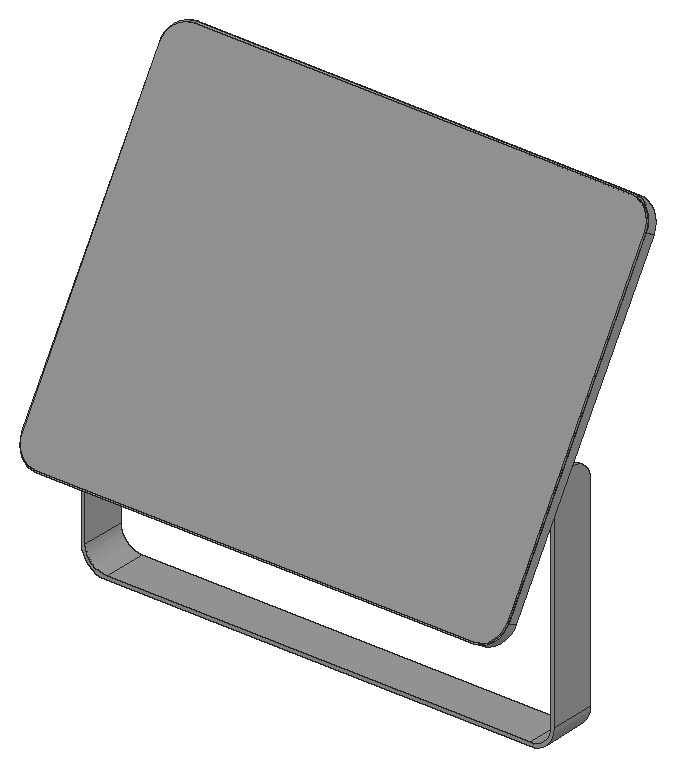
Revit family "0047977 Sylvania Lighting Fixture START eco Flood Flat IP65 9000lm 840", category Lighting Fixtures, host Face, Revit 2016
Family settings
  Host = Face
  Part Type = Normal
  Round Connector Dimension = Use Diameter
  OmniClass Number = 23.80.70.00
  OmniClass Title = Lighting
  Cut with Voids When Loaded = No
  Light Source = No
  Shared = No
  Room Calculation Point = No
Parameters (values of type "0047977 ST E FLD FLT IP65 9000LM 840")
  WidthBracketIn_SYL = if([10W_SYL], 102.2 mm, if([30W_SYL], 143.3 mm, if([50W_SYL], 181 mm, 262.8 mm)))  # 262.8 mm
  Weight = "8.875 kg"
  Wattage Comments = ""
  WarrantyStartDate [instance] = "n/a"
  WarrantyGuarantorParts = "n/a"
  WarrantyDurationUnit = "n/a"
  WarrantyDurationParts = "n/a"
  WarrantyDescription = "n/a"
  Voltage = 0 V
  URL = "http://www.sylvania-lighting.com"
  TypeName = "START eco Flood Flat IP65 9000lm 840"
  TypeLight_SYL = START eco Flood Flat Lamp : 0047977 ST E FLD FLT IP65 9000LM 840
  Type Image = <None>
  Type Comments = "n/a"
  ThicknessBracket_SYL = if([10W_SYL], 1.5 mm, 2 mm)  # 2 mm
  SerialNumber [instance] = "n/a"
  RotationAngle_SYL [instance] = 32.00°
  RadiusBracket_SYL = if([10W_SYL], 7.7 mm, if([30W_SYL], 8 mm, if([50W_SYL], 17 mm, 14 mm)))  # 14 mm
  RadiusBracketIn_SYL = RadiusBracket_SYL - ThicknessBracket_SYL  # 12 mm
  OffsetAxis_SYL = DepthBracket_SYL / 2  # 12.5 mm
  PowerFactor = 0.9
  PowerConsumption = "100 W"
  NominalLength = 283 mm
  NominalHeight = 44 mm
  NominalDepth = 263 mm
  Name = "START eco Flood Flat IP65 9000lm 840"
  ModelReference = Name  # "START eco Flood Flat IP65 9000lm 840"
  ModelNumber = "0047977"
  Model = Name  # "START eco Flood Flat IP65 9000lm 840"
  Material = "adc12 housing"
  ManufacturerName = "Feilo Sylvania"
  Manufacturer = "Feilo Sylvania"
  LuminousEfficacy = "95 lm/W"
  LuminaireType = ""
  LightOutputRatio = "n/a"
  LampsType = Lamp  # "LED"
  LampNominalLuminous = "9500 lm"
  LampMacAdamStep = "n/a"
  LampColourTemperature = "4000 K"
  LampColourRenderingIndex = "80"
  Lamp = "LED"
  Keynote = "16500"
  InstallationDate [instance] = "n/a"
  InputVoltage = "n/a"
  InputNominalFrequency = "n/a"
  IngressProtection = "IP65"
  ImpactProtectionIndex = "IK07"
  IfcExportType = "IfcLightFixtureType"
  IfcExportAs = "IfcLightFixtureType"
  HeightBracket_SYL = if([10W_SYL], 55 mm, if([30W_SYL], 70 mm, if([50W_SYL], 110 mm, 141 mm)))  # 141 mm
  ExpectedLife = 30000
  EndAngle_SYL [instance] = RotationAngle_SYL + 180.00°  # 212.00°
  ElectricShockClassification = "Class I"
  DurationUnit = "hours"
  DocumentationLiterature = "http://www.sylvania-lighting.com/product/en-int/products/0047977"
  DimmingControlOptions = "n/a"
  Description = "The new Start eco Flood Flat comes with improved design. The streamlined, durable, lightweight die-cast aluminium body makes it a perfect choice for building facades, car parks, garages and construction areas. The product includes 1 m pre-wired stripped cable and fitting bracket for quick and easy installation and the universal mounting bracket allows wall or surface mounting with the possibility of vertical tilting. Black die-cast aluminum housing, white reflector, 9500 lm, 100 W, 95 lm/W, 4000K, drive current 386 mA, non dimmable, CRI>80, IP65, IK07, Class I, lumen maintenance L70:B50: 30000 hrs, 283 x 263 x 44 mm (L x W x H). Weight: 1.775kg. Energy class: A++ A+ A."
  DepthBracket_SYL = if([10W_SYL], 15 mm, if([30W_SYL], 15 mm, if([50W_SYL], 17 mm, 25 mm)))  # 25 mm
  Default Elevation = 1219.2 mm
  CreatedOn = "10/8/2018"
  CreatedBy = "@sylvania-lighting.com"
  Cost = 0
  built-in parameter 1114216 [instance] = (empty or 0)
  ClassificationValue = "EF_70_80"
  ClassificationName = "Uniclass2015"
  Material_1_SYL = Body-Sylvania-FloodFlat-Black
  BarCode [instance] = "n/a"
  AssetType = "Fixed"
  AssetIdentifier [instance] = "n/a"
  Assembly Code = "D5020200"
  Apparent Load = 100 VA
  50W_SYL = no
  30W_SYL = no
  10W_SYL = no
Reference planes
  plane 1 "Center (Front/Back)": y = 0
  plane 2: z = 0
  plane 3 "Center (Left/Right)": x = 0
  plane 4: x = -133.4
  plane 5: x = 133.4
  plane 6: z = 141
  plane 7: z = 128.5
  plane 8: x = -131.4
  plane 9: x = 131.4
  plane 10: z = 2
  plane 11: y = 12.5
  plane 12: y = -12.5
  plane 13: x = -119.4
  plane 14: z = 14
  plane 15: x = 119.4
  plane 16: y = -14.5
  plane 17: z = 143
  plane 18: y = 14.5
Forms (mm)
  Extrusion 1, solid, material "Body-Sylvania-FloodFlat-Black" <- "Material_1_SYL"
    sketch origin (0, 0, 0) x (1, 0, 0) y (0, 0, 1)
      loop
        line (-131.4, 141) -> (-133.4, 141) -> (-133.4, 14)
        arc (-133.4, 14) -> (-129.299, 4.101) -> (-119.4, 0) r 14
        line (-119.4, 0) -> (119.4, 0)
        arc (119.4, 0) -> (129.299, 4.101) -> (133.4, 14) r 14
        line (133.4, 14) -> (133.4, 141) -> (131.4, 141) -> (131.4, 14)
        arc (131.4, 14) -> (127.885, 5.515) -> (119.4, 2) r 12
        line (119.4, 2) -> (-119.4, 2)
        arc (-119.4, 2) -> (-127.885, 5.515) -> (-131.4, 14) r 12
        line (-131.4, 14) -> (-131.4, 141)
    from -12.5 to 12.5
  Extrusion 2, void
    sketch origin (0, 0, 0) x (0, 1, 0) y (0, 0, 1)
      loop
        line (12.5, 128.5) -> (14.5, 128.5) -> (14.5, 143) -> (-14.5, 143) -> (-14.5, 128.5) -> (-12.5, 128.5)
        arc (-12.5, 128.5) -> (0, 141) -> (12.5, 128.5) r 12.5
    from -133.4 to 133.4
  Revolve 3, solid, not visible
    sketch origin (0, 0, 0) x (1, 0, 0) y (0, 0, 1)
      loop
        line (0, 128.5) -> (0, 141) -> (-12.336, 141) -> (-12.336, 128.5) -> (0, 128.5)
      axis (0, 128.5) -> (-12.336, 128.5)
    angle from 32 <- "RotationAngle_SYL" to 212 <- "EndAngle_SYL"
Cuts and joins
  Extrusion 2 cuts Extrusion 1
Dimensions and locks
  equal spacing: plane 9, plane 3 "Center (Left/Right)", plane 8
  "WidthBracketIn_SYL": plane 9 to plane 8
  "ThicknessBracket_SYL": plane 8 to plane 4
  "ThicknessBracket_SYL": plane 5 to plane 9
  "ThicknessBracket_SYL": plane 10 to plane 2
  equal spacing: plane 12, plane 1 "Center (Front/Back)", plane 11
  "DepthBracket_SYL": plane 12 to plane 11
  "OffsetAxis_SYL": plane 7 to plane 6
  "HeightBracket_SYL": plane 6 to plane 2
  "RadiusBracket_SYL": plane 14 to plane 2
  equal spacing: plane 15, plane 3 "Center (Left/Right)", plane 13
  "RadiusBracket_SYL": plane 13 to plane 4
  equal spacing: plane 16, plane 1 "Center (Front/Back)", plane 18
  locked: plane 16 to plane 12 at 2
  locked: plane 6 to plane 17 at 2
  "RadiusBracket_SYL": radius of Extrusion 1 sketch curve  (x2)
  "RadiusBracketIn_SYL": radius of Extrusion 1 sketch curve  (x2)
  aligned and locked: plane 2 to host face
  aligned and locked: level to host face
  aligned and locked: Extrusion 1 sketch curve to plane 6  (x2)
  aligned and locked: Extrusion 1 sketch curve to plane 4
  aligned and locked: plane 5 to Extrusion 1 sketch curve
  aligned and locked: Extrusion 1 sketch curve to plane 9
  aligned and locked: Extrusion 1 sketch curve to plane 2
  aligned and locked: plane 13 to Extrusion 1 sketch curve
  aligned and locked: plane 14 to Extrusion 1 sketch curve  (x2)
  aligned and locked: plane 15 to Extrusion 1 sketch curve
  aligned and locked: Extrusion 1 to plane 11
  aligned and locked: plane 12 to Extrusion 1
  aligned and locked: plane 11 to Extrusion 2 sketch curve
  aligned and locked: plane 1 "Center (Front/Back)" to Extrusion 2 sketch curve
  aligned and locked: plane 7 to Extrusion 2 sketch curve
  aligned and locked: plane 17 to Extrusion 2 sketch curve
  aligned and locked: plane 18 to Extrusion 2 sketch curve
  aligned and locked: Extrusion 2 sketch curve to plane 16
  aligned and locked: Extrusion 2 sketch curve to plane 7  (x2)
  aligned and locked: plane 5 to Extrusion 2
  aligned and locked: Extrusion 2 to plane 4
  aligned and locked: Revolve 3 sketch curve to plane 7  (x2)
  aligned and locked: Revolve 3 sketch curve to plane 3 "Center (Left/Right)"
  aligned and locked: plane 6 to Revolve 3 sketch curve
  aligned and locked: plane 3 "Center (Left/Right)" to nested 1
Automatic sketch dimensions
  host sketch curve to host sketch curve = 2438.4 mm  (x2)
  Revolve 3 sketch curve to plane 3 "Center (Left/Right)" = 12.336 mm
  Revolve 3 sketch curve to plane 4 = 1122.5 mm
  plane 5 to Revolve 3 sketch curve = 1130.9 mm
Nested families
  nested 1: "START eco Flood Flat Lamp" at (0, 14.785, 152.161) x (1, 0, 0) z (0, -0.848, 0.5299), type <- "TypeLight_SYL", type "0047977 ST E FLD FLT IP65 9000LM 840"
    with built-in parameter 1114216 (empty or 0)
Connectors
  electrical at (0, 0, 0), driven by "Apparent Load", driven by "PowerFactor", driven by "Voltage"
    settings: index 1, voltage 0 V, apparent load 100 VA, apparent load phase1 0 VA, apparent load phase2 0 VA, apparent load phase3 0 VA, power factor 0.9, load classification "Lighting", number of poles 1, system type 30, power factor state 1, is connector primary yes, connector utility no, sub classification motor no, connector description ""
Definition of nested family "START eco Flood Flat Lamp"
  Parameters (values of type "0047977 ST E FLD FLT IP65 9000LM 840")
    Width_SYL = if([10W_SYL], 110 mm, if([30W_SYL], 151 mm, if([50W_SYL], 189 mm, 275 mm)))  # 275 mm
    WidthLEDBoard_SYL = if([10W_SYL], 40 mm, if([30W_SYL], 83 mm, if([50W_SYL], 80 mm, 180 mm)))  # 180 mm
    WidthVignette_SYL = if([10W_SYL], 78.6 mm, if([30W_SYL], 120 mm, if([50W_SYL], 157 mm, 226 mm)))  # 226 mm
    WidthBoltHousing_SYL = 4 * OffsetBoltHousing_SYL  # 24.5 mm
    Wattage Comments = "n/a"
    Wattage = 100 W
    built-in parameter 1150110 = 1 (stored number, unit not read)
    URL = "http://www.sylvania-lighting.com"
    Type Image = (empty or 0)
    Type Comments = "n/a"
    built-in parameter 1114217 = 1 (stored number, unit not read)
    Tilt Angle = -90.00°
    ThicknessScreen_SYL = if([10W_SYL], 5 mm, if([30W_SYL], 5.2 mm, if([50W_SYL], 5.4 mm, 6.1 mm)))  # 6.1 mm
    ThicknessDiffuser_SYL = 0.8 mm  # constant formula
    built-in parameter 1150109 = 1 (stored number, unit not read)
    built-in parameter 1150134 = 12
    built-in parameter 1150113 = 1 (stored number, unit not read)
    RotationAxisFromTop_SYL = if([10W_SYL], 48.8 mm, if([30W_SYL], 61.7 mm, if([50W_SYL], 91.3 mm, 133.4 mm)))  # 133.4 mm
    RadiusLEDBoard_SYL = if([10W_SYL], 1.5 mm, if([30W_SYL], 2 mm, if([50W_SYL], 1.9 mm, 3.7 mm)))  # 3.7 mm
    RadiusDiffuser_SYL = RadiusCorners_SYL - ThicknessDiffuser_SYL  # 13.4 mm
    RadiusCorners_SYL = if([10W_SYL], 10.5 mm, if([30W_SYL], 10.7 mm, if([50W_SYL], 10.7 mm, 14.2 mm)))  # 14.2 mm
    RadiusBoltHousing_SYL = if([10W_SYL], 4.1 mm, if([30W_SYL], 4.9 mm, if([50W_SYL], 5 mm, 8.1 mm)))  # 8.1 mm
    RadiusBack_SYL = RadiusCorners_SYL - OffsetXBack_SYL / 3  # 10.117 mm
    RadiusBackB_SYL = RadiusBack_SYL - OffsetXBackB_SYL  # 7.054 mm
    Photometric Web File = "0047977.ies"
    PIR_SYL = no
    PIRHolderRadius_SYL = PIRBaseFillet_SYL + 2 mm  # 11 mm
    PIRFillet_SYL = 3 mm  # constant formula
    PIRBaseWidth_SYL = 38 mm
    PIRBaseFillet_SYL = PIRBaseDepth_SYL / 2  # 9 mm
    PIRBaseDepth_SYL = 18 mm
    OffsetYBack_SYL = (Height_SYL - HeightVignette_SYL) / 4  # 11 mm
    OffsetYBackB_SYL = OffsetYBack_SYL / 4  # 2.75 mm
    OffsetXBack_SYL = (Width_SYL - WidthVignette_SYL) / 4  # 12.25 mm
    OffsetXBackB_SYL = OffsetXBack_SYL / 4  # 3.063 mm
    OffsetBoltHousing_SYL = OffsetXBack_SYL / 2  # 6.125 mm
    Material_7_SYL = none
    Material_6_SYL = none
    Material_5_SYL = none
    Material_3_SYL = none
    Model = "START eco Flood Flat IP65 9000lm 840"
    Manufacturer = "Feilo Sylvania"
    built-in parameter 1150105 = 3437 (stored number, unit not read)
    Lumens = 9500 lm
    built-in parameter 1150115 = 1 (stored number, unit not read)
    built-in parameter 1150137 = (empty or 0)
    built-in parameter 1150139 = (empty or 0)
    built-in parameter 1150112 = 1 (stored number, unit not read)
    built-in parameter 1150114 = 1 (stored number, unit not read)
    Lamp = "LED"
    Keynote = "16500"
    Material_2_SYL = none
    InsertionPlaneFromTop_SYL = if([10W_SYL], 15.1 mm, if([30W_SYL], 14.5 mm, if([50W_SYL], 14.8 mm, 19.3 mm)))  # 19.3 mm
    built-in parameter 1150132 = (empty or 0)
    built-in parameter 1150102 = (empty or 0)
    built-in parameter 1150107 = 4000 (stored number, unit not read)
    built-in parameter 1150138 = (empty or 0)
    built-in parameter 1150106 = 34.37 (stored number, unit not read)
    Height_SYL = if([10W_SYL], 81.6 mm, if([30W_SYL], 112 mm, if([50W_SYL], 140.5 mm, 211 mm)))  # 211 mm
    HeightVignette_SYL = if([10W_SYL], 50 mm, if([30W_SYL], 81 mm, if([50W_SYL], 110 mm, 167 mm)))  # 167 mm
    HeightLEDBoard_SYL = if([10W_SYL], 25 mm, if([30W_SYL], 39 mm, if([50W_SYL], 56 mm, 132 mm)))  # 132 mm
    Emit from Rectangle Width = HeightVignette_SYL - 2 * RadiusVignette_SYL  # 146.2 mm
    Emit from Rectangle Length = WidthVignette_SYL - 2 * RadiusVignette_SYL  # 205.2 mm
    Emit Shape Visible in Rendering = no
    built-in parameter 1150104 = 8.8258 (stored number, unit not read)
    Dimming Lamp Color Temperature Shift = (empty or 0)
    DepthLEDBoard_SYL = (ThicknessScreen_SYL + DepthBack_SYL) / 9  # 2.289 mm
    DepthBack_SYL = if([10W_SYL], 10.2 mm, if([30W_SYL], 14.7 mm, if([50W_SYL], 16.9 mm, 14.5 mm)))  # 14.5 mm
    RadiusVignette_SYL = if([10W_SYL], 4.1 mm, if([30W_SYL], 4.1 mm, if([50W_SYL], 4.1 mm, 10.4 mm)))  # 10.4 mm
    Description = "The new Start eco Flood Flat comes with improved design. The streamlined, durable, lightweight die-cast aluminium body makes it a perfect choice for building facades, car parks, garages and construction areas. The product includes 1 m pre-wired stripped cable and fitting bracket for quick and easy installation and the universal mounting bracket allows wall or surface mounting with the possibility of vertical tilting. Black die-cast aluminum housing, white reflector, 9500 lm, 100 W, 95 lm/W, 4000K, drive current 386 mA, non dimmable, CRI>80, IP65, IK07, Class I, lumen maintenance L70:B50: 30000 hrs, 283 x 263 x 44 mm (L x W x H). Weight: 1.775kg. Energy class: A++ A+ A."
    DepthReflector_SYL = (ThicknessScreen_SYL + DepthBack_SYL) / 2  # 10.3 mm
    Default Elevation = 1219.2 mm
    Cost = 0
    Color Filter = 16777215
    built-in parameter 1114216 [instance] = (empty or 0)
    Material_1_SYL = none
    built-in parameter 1114218 = 1 (stored number, unit not read)
    built-in parameter 1150133 = 10 (stored number, unit not read)
    Assembly Code = "D5020200"
    Apparent Load = 100 VA
    Material_4_SYL = none
    50W_SYL = no
    30W_SYL = no
    10W_SYL = no
  Types (16, lengths in mm): name | Width_SYL | WidthLEDBoard_SYL | WidthVignette_SYL | WidthBoltHousing_SYL | Wattage | ThicknessScreen_SYL | built-in parameter 1150134 | RotationAxisFromTop_SYL | RadiusLEDBoard_SYL | RadiusDiffuser_SYL | RadiusCorners_SYL | RadiusBoltHousing_SYL | RadiusBack_SYL | RadiusBackB_SYL | Photometric Web File | PIR_SYL | OffsetYBack_SYL | OffsetYBackB_SYL | OffsetXBack_SYL | OffsetXBackB_SYL | OffsetBoltHousing_SYL | Model | built-in parameter 1150105 | Lumens | InsertionPlaneFromTop_SYL | built-in parameter 1150107 | built-in parameter 1150106 | Height_SYL | HeightVignette_SYL | HeightLEDBoard_SYL | Emit from Rectangle Width | Emit from Rectangle Length | built-in parameter 1150104 | DepthLEDBoard_SYL | DepthBack_SYL | RadiusVignette_SYL | Description | DepthReflector_SYL | Apparent Load | 50W_SYL | 30W_SYL | 10W_SYL
    0047977 ST E FLD FLT IP65 9000LM 840 | 275 | 180 | 226 | 24.5 | 100 W | 6.1 | 12 | 133.4 | 3.7 | 13.4 | 14.2 | 8.1 | 10.117 | 7.054 | "0047977.ies" | no | 11 | 2.75 | 12.25 | 3.063 | 6.125 | "START eco Flood Flat IP65 9000lm 840" | 3437 (stored number, unit not read) | 9500 lm | 19.3 | 4000 (stored number, unit not read) | 34.37 (stored number, unit not read) | 211 | 167 | 132 | 146.2 | 205.2 | 8.8258 (stored number, unit not read) | 2.289 | 14.5 | 10.4 | "The new Start eco Flood Flat comes with improved design. The streamlined, durable, lightweight die-cast aluminium body makes it a perfect choice for building facades, car parks, garages and construction areas. The product includes 1 m pre-wired stripped cable and fitting bracket for quick and easy installation and the universal mounting bracket allows wall or surface mounting with the possibility of vertical tilting. Black die-cast aluminum housing, white reflector, 9500 lm, 100 W, 95 lm/W, 4000K, drive current 386 mA, non dimmable, CRI>80, IP65, IK07, Class I, lumen maintenance L70:B50: 30000 hrs, 283 x 263 x 44 mm (L x W x H). Weight: 1.775kg. Energy class: A++ A+ A." | 10.3 | 100 VA | no | no | no
    0047976 ST E FLD FLT IP65 9000LM 830 | 275 | 180 | 226 | 24.5 | 100 W | 6.1 | (empty or 0) | 133.4 | 3.7 | 13.4 | 14.2 | 8.1 | 10.117 | 7.054 | "0047976.ies" | no | 11 | 2.75 | 12.25 | 3.063 | 6.125 | "START eco Flood Flat IP65 9000lm 830" | 3256.1 (stored number, unit not read) | 9000 lm | 19.3 | 3000 (stored number, unit not read) | 32.561 (stored number, unit not read) | 211 | 167 | 132 | 146.2 | 205.2 | 8.3613 (stored number, unit not read) | 2.289 | 14.5 | 10.4 | "The new Start eco Flood Flat comes with improved design. The streamlined, durable, lightweight die-cast aluminium body makes it a perfect choice for building facades, car parks, garages and construction areas. The product includes 1 m pre-wired stripped cable and fitting bracket for quick and easy installation and the universal mounting bracket allows wall or surface mounting with the possibility of vertical tilting. Black die-cast aluminum housing, white reflector, 9000 lm, 100 W, 90 lm/W, 3000K, drive current 386 mA, non dimmable, CRI>80, IP65, IK07, Class I, lumen maintenance L70:B50: 30000 hrs, 283 x 263 x 44 mm (L x W x H). Weight: 1.775kg. Energy class: A++ A+ A." | 10.3 | 100 VA | no | no | no
    0047973 ST E FLD FLT IP65 6500LM 840 | 275 | 180 | 226 | 24.5 | 70 W | 6.1 | 12 | 133.4 | 3.7 | 13.4 | 14.2 | 8.1 | 10.117 | 7.054 | "0047973.ies" | no | 11 | 2.75 | 12.25 | 3.063 | 6.125 | "START eco Flood Flat IP65 6500lm 840" | 2460.1 (stored number, unit not read) | 6650 lm | 19.3 | 4000 (stored number, unit not read) | 24.601 (stored number, unit not read) | 211 | 167 | 132 | 146.2 | 205.2 | 8.8258 (stored number, unit not read) | 2.289 | 14.5 | 10.4 | "The new Start eco Flood Flat comes with improved design. The streamlined, durable, lightweight die-cast aluminium body makes it a perfect choice for building facades, car parks, garages and construction areas. The product includes 1 m pre-wired stripped cable and fitting bracket for quick and easy installation and the universal mounting bracket allows wall or surface mounting with the possibility of vertical tilting. Black die-cast aluminum housing, white reflector, 6650 lm, 70 W, 95 lm/W, 4000K, drive current 270 mA, non dimmable, CRI>80, IP65, IK07, Class I, lumen maintenance L70:B50: 30000 hrs, 283 x 263 x 44 mm (L x W x H). Weight: 1.775kg. Energy class: A++ A+ A." | 10.3 | 70 VA | no | no | no
    0047972 ST E FLD FLT IP65 6500LM 830 | 275 | 180 | 226 | 24.5 | 70 W | 6.1 | (empty or 0) | 133.4 | 3.7 | 13.4 | 14.2 | 8.1 | 10.117 | 7.054 | "0047972.ies" | no | 11 | 2.75 | 12.25 | 3.063 | 6.125 | "START eco Flood Flat IP65 6500lm 830" | 2330.6 (stored number, unit not read) | 6300 lm | 19.3 | 3000 (stored number, unit not read) | 23.306 (stored number, unit not read) | 211 | 167 | 132 | 146.2 | 205.2 | 8.3613 (stored number, unit not read) | 2.289 | 14.5 | 10.4 | "The new Start eco Flood Flat comes with improved design. The streamlined, durable, lightweight die-cast aluminium body makes it a perfect choice for building facades, car parks, garages and construction areas. The product includes 1 m pre-wired stripped cable and fitting bracket for quick and easy installation and the universal mounting bracket allows wall or surface mounting with the possibility of vertical tilting. Black die-cast aluminum housing, white reflector, 6300 lm, 70 W, 90 lm/W, 3000K, drive current 270 mA, non dimmable, CRI>80, IP65, IK07, Class I, lumen maintenance L70:B50: 30000 hrs, 283 x 263 x 44 mm (L x W x H). Weight: 1.775kg. Energy class: A++ A+ A." | 10.3 | 70 VA | no | no | no
    0047971 ST E FLD FLT IP54 PIR 4500LM 840 | 189 | 80 | 157 | 16 | 51 W | 5.4 | 12 | 91.3 | 1.9 | 9.9 | 10.7 | 5 | 8.033 | 6.033 | "0047971.ies" | yes | 7.625 | 1.906 | 8 | 2 | 4 | "START eco Flood Flat IP54 PIR 4500lm 840" | 1695.8 (stored number, unit not read) | 4743 lm | 14.8 | 4000 (stored number, unit not read) | 16.958 (stored number, unit not read) | 140.5 | 110 | 56 | 101.8 | 148.8 | 8.64 (stored number, unit not read) | 2.478 | 16.9 | 4.1 | "The new Start eco Flood Flat comes with improved design. The streamlined, durable, lightweight die-cast aluminium body makes it a perfect choice for building facades, car parks, garages and construction areas. The product includes 1 m pre-wired stripped cable and fitting bracket for quick and easy installation and the universal mounting bracket allows wall or surface mounting with the possibility of vertical tilting. Black die-cast aluminum housing, white reflector, 4750 lm, 51 W, 93 lm/W, 4000K, drive current 193 mA, non dimmable, CRI>80, IP54, IK07 - fixture, IK05 - sensor, Class I, lumen maintenance L70:B50: 30000 hrs, 193 x 216 x 70 mm (L x W x H). Weight: 0.85kg.  PIR sensor included. Energy class: A++ A+ A." | 11.15 | 51 VA | yes | no | no
    0047970 ST E FLD FLT IP54 PIR 4500LM 830 | 189 | 80 | 157 | 16 | 51 W | 5.4 | (empty or 0) | 91.3 | 1.9 | 9.9 | 10.7 | 5 | 8.033 | 6.033 | "0047970.ies" | yes | 7.625 | 1.906 | 8 | 2 | 4 | "START eco Flood Flat IP54 PIR 4500lm 830" | 1604.6 (stored number, unit not read) | 4488 lm | 14.8 | 3000 (stored number, unit not read) | 16.046 (stored number, unit not read) | 140.5 | 110 | 56 | 101.8 | 148.8 | 8.1755 (stored number, unit not read) | 2.478 | 16.9 | 4.1 | "The new Start eco Flood Flat comes with improved design. The streamlined, durable, lightweight die-cast aluminium body makes it a perfect choice for building facades, car parks, garages and construction areas. The product includes 1 m pre-wired stripped cable and fitting bracket for quick and easy installation and the universal mounting bracket allows wall or surface mounting with the possibility of vertical tilting. Black die-cast aluminum housing, white reflector, 4500 lm, 51 W, 88 lm/W, 3000K, drive current 193 mA, non dimmable, CRI>80, IP54, IK07 - fixture, IK05 - sensor, Class I, lumen maintenance L70:B50: 30000 hrs, 193 x 216 x 70 mm (L x W x H). Weight: 0.85kg.  PIR sensor included. Energy class: A++ A+ A." | 11.15 | 51 VA | yes | no | no
    0047969 ST E FLD FLT IP65 4500LM 840 | 189 | 80 | 157 | 16 | 50 W | 5.4 | 12 | 91.3 | 1.9 | 9.9 | 10.7 | 5 | 8.033 | 6.033 | "0047969.ies" | no | 7.625 | 1.906 | 8 | 2 | 4 | "START eco Flood Flat IP65 4500lm 840" | 1698.3 (stored number, unit not read) | 4750 lm | 14.8 | 4000 (stored number, unit not read) | 16.983 (stored number, unit not read) | 140.5 | 110 | 56 | 101.8 | 148.8 | 8.8258 (stored number, unit not read) | 2.478 | 16.9 | 4.1 | "The new Start eco Flood Flat comes with improved design. The streamlined, durable, lightweight die-cast aluminium body makes it a perfect choice for building facades, car parks, garages and construction areas. The product includes 1 m pre-wired stripped cable and fitting bracket for quick and easy installation and the universal mounting bracket allows wall or surface mounting with the possibility of vertical tilting. Black die-cast aluminum housing, white reflector, 4750 lm, 50 W, 95 lm/W, 4000K, drive current 193 mA, non dimmable, CRI>80, IP65, IK07, Class I, lumen maintenance L70:B50: 30000 hrs, 193 x 190 x 48 mm (L x W x H). Weight: 0.785kg. Energy class: A++ A+ A." | 11.15 | 50 VA | yes | no | no
    0047968 ST E FLD FLT IP65 4500LM 830 | 189 | 80 | 157 | 16 | 50 W | 5.4 | (empty or 0) | 91.3 | 1.9 | 9.9 | 10.7 | 5 | 8.033 | 6.033 | "0047968.ies" | no | 7.625 | 1.906 | 8 | 2 | 4 | "START eco Flood Flat IP65 4500lm 830" | 1608.9 (stored number, unit not read) | 4500 lm | 14.8 | 3000 (stored number, unit not read) | 16.089 (stored number, unit not read) | 140.5 | 110 | 56 | 101.8 | 148.8 | 8.3613 (stored number, unit not read) | 2.478 | 16.9 | 4.1 | "The new Start eco Flood Flat comes with improved design. The streamlined, durable, lightweight die-cast aluminium body makes it a perfect choice for building facades, car parks, garages and construction areas. The product includes 1 m pre-wired stripped cable and fitting bracket for quick and easy installation and the universal mounting bracket allows wall or surface mounting with the possibility of vertical tilting. Black die-cast aluminum housing, white reflector, 4500 lm, 50 W, 90 lm/W, 3000K, drive current 193 mA, non dimmable, CRI>80, IP65, IK07, Class I, lumen maintenance L70:B50: 30000 hrs, 193 x 190 x 48 mm (L x W x H). Weight: 0.785kg. Energy class: A++ A+ A." | 11.15 | 50 VA | yes | no | no
    0047967 ST E FLD FLT IP54 PIR 2800LM 840 | 151 | 83 | 120 | 15.5 | 31 W | 5.2 | 12 | 61.7 | 2 | 9.9 | 10.7 | 4.9 | 8.117 | 6.179 | "0047967.ies" | yes | 7.75 | 1.938 | 7.75 | 1.938 | 3.875 | "START eco Flood Flat IP54 PIR 2800lm 840" | 1045.5 (stored number, unit not read) | 2852 lm | 14.5 | 4000 (stored number, unit not read) | 10.455 (stored number, unit not read) | 112 | 81 | 39 | 72.8 | 111.8 | 8.5471 (stored number, unit not read) | 2.211 | 14.7 | 4.1 | "The new Start eco Flood Flat comes with improved design. The streamlined, durable, lightweight die-cast aluminium body makes it a perfect choice for building facades, car parks, garages and construction areas. The product includes 1 m pre-wired stripped cable and fitting bracket for quick and easy installation and the universal mounting bracket allows wall or surface mounting with the possibility of vertical tilting. Black die-cast aluminum housing, white reflector, 2850 lm, 31 W, 92 lm/W, 4000K, drive current 116 mA, non dimmable, CRI>80, IP54, IK06 - fixture, IK05 - sensor, Class I, lumen maintenance L70:B50: 30000 hrs, 156 x 178 x 67 mm (L x W x H). Weight: 0.61kg.  PIR sensor included. Energy class: A++ A+ A." | 9.95 | 31 VA | no | yes | no
    0047966 ST E FLD FLT IP54 PIR 2800LM 830 | 151 | 83 | 120 | 15.5 | 31 W | 5.2 | (empty or 0) | 61.7 | 2 | 9.9 | 10.7 | 4.9 | 8.117 | 6.179 | "0047966.ies" | yes | 7.75 | 1.938 | 7.75 | 1.938 | 3.875 | "START eco Flood Flat IP54 PIR 2800lm 830" | 988.72 (stored number, unit not read) | 2697 lm | 14.5 | 3000 (stored number, unit not read) | 9.8872 (stored number, unit not read) | 112 | 81 | 39 | 72.8 | 111.8 | 8.0826 (stored number, unit not read) | 2.211 | 14.7 | 4.1 | "The new Start eco Flood Flat comes with improved design. The streamlined, durable, lightweight die-cast aluminium body makes it a perfect choice for building facades, car parks, garages and construction areas. The product includes 1 m pre-wired stripped cable and fitting bracket for quick and easy installation and the universal mounting bracket allows wall or surface mounting with the possibility of vertical tilting. Black die-cast aluminum housing, white reflector, 2700 lm, 31 W, 87 lm/W, 3000K, drive current 116 mA, non dimmable, CRI>80, IP54, IK06 - fixture, IK05 - sensor, Class I, lumen maintenance L70:B50: 30000 hrs, 156 x 178 x 67 mm (L x W x H). Weight: 0.61kg.  PIR sensor included. Energy class: A++ A+ A." | 9.95 | 31 VA | no | yes | no
    0047965 ST E FLD FLT IP65 2800LM 840 | 151 | 83 | 120 | 15.5 | 30 W | 5.2 | 12 | 61.7 | 2 | 9.9 | 10.7 | 4.9 | 8.117 | 6.179 | "0047965.ies" | no | 7.75 | 1.938 | 7.75 | 1.938 | 3.875 | "START eco Flood Flat IP65 2800lm 840" | 1044.8 (stored number, unit not read) | 2850 lm | 14.5 | 4000 (stored number, unit not read) | 10.448 (stored number, unit not read) | 112 | 81 | 39 | 72.8 | 111.8 | 8.8258 (stored number, unit not read) | 2.211 | 14.7 | 4.1 | "The new Start eco Flood Flat comes with improved design. The streamlined, durable, lightweight die-cast aluminium body makes it a perfect choice for building facades, car parks, garages and construction areas. The product includes 1 m pre-wired stripped cable and fitting bracket for quick and easy installation and the universal mounting bracket allows wall or surface mounting with the possibility of vertical tilting. Black die-cast aluminum housing, white reflector, 2850 lm, 30 W, 95 lm/W, 4000K, drive current 116 mA, non dimmable, CRI>80, IP65, IK06, Class I, lumen maintenance L70:B50: 30000 hrs, 156 x 126 x 38 mm (L x W x H). Weight: 0.545kg. Energy class: A++ A+ A." | 9.95 | 30 VA | no | yes | no
    0047964 ST E FLD FLT IP65 2800LM 830 | 151 | 83 | 120 | 15.5 | 30 W | 5.2 | (empty or 0) | 61.7 | 2 | 9.9 | 10.7 | 4.9 | 8.117 | 6.179 | "0047964.ies" | no | 7.75 | 1.938 | 7.75 | 1.938 | 3.875 | "START eco Flood Flat IP65 2800lm 830" | 989.82 (stored number, unit not read) | 2700 lm | 14.5 | 3000 (stored number, unit not read) | 9.8982 (stored number, unit not read) | 112 | 81 | 39 | 72.8 | 111.8 | 8.3613 (stored number, unit not read) | 2.211 | 14.7 | 4.1 | "The new Start eco Flood Flat comes with improved design. The streamlined, durable, lightweight die-cast aluminium body makes it a perfect choice for building facades, car parks, garages and construction areas. The product includes 1 m pre-wired stripped cable and fitting bracket for quick and easy installation and the universal mounting bracket allows wall or surface mounting with the possibility of vertical tilting. Black die-cast aluminum housing, white reflector, 2700 lm, 30 W, 90 lm/W, 3000K, drive current 116 mA, non dimmable, CRI>80, IP65, IK06, Class I, lumen maintenance L70:B50: 30000 hrs, 156 x 126 x 38 mm (L x W x H). Weight: 0.545kg. Energy class: A++ A+ A." | 9.95 | 30 VA | no | yes | no
    0047963 ST E FLD FLT IP54 PIR 900LM 840 | 110 | 40 | 78.6 | 15.7 | 11 W | 5 | 12 | 48.8 | 1.5 | 9.7 | 10.5 | 4.1 | 7.883 | 5.921 | "0047963.ies" | yes | 7.9 | 1.975 | 7.85 | 1.963 | 3.925 | "START eco Flood Flat IP54 PIR 900lm 840" | 365.78 (stored number, unit not read) | 946 lm | 15.1 | 4000 (stored number, unit not read) | 3.6578 (stored number, unit not read) | 81.6 | 50 | 25 | 41.8 | 70.4 | 7.9897 (stored number, unit not read) | 1.689 | 10.2 | 4.1 | "The new Start eco Flood Flat comes with improved design. The streamlined, durable, lightweight die-cast aluminium body makes it a perfect choice for building facades, car parks, garages and construction areas. The product includes 1 m pre-wired stripped cable and fitting bracket for quick and easy installation and the universal mounting bracket allows wall or surface mounting with the possibility of vertical tilting. Black die-cast aluminum housing, white reflector, 950 lm, 11 W, 86 lm/W, 4000K, drive current 38.6 mA, non dimmable, CRI>80, IP54, IK06 - fixture, IK05 - sensor, Class I, lumen maintenance L70:B50: 30000 hrs, 156 x 178 x 67 mm (L x W x H). Weight: 0.61kg.  PIR sensor included. Energy class: A++ A+ A." | 7.6 | 11 VA | no | no | yes
    0047962 ST E FLD FLT IP54 PIR 900LM 830 | 110 | 40 | 78.6 | 15.7 | 11 W | 5 | (empty or 0) | 48.8 | 1.5 | 9.7 | 10.5 | 4.1 | 7.883 | 5.921 | "0047962.ies" | yes | 7.9 | 1.975 | 7.85 | 1.963 | 3.925 | "START eco Flood Flat IP54 PIR 900lm 830" | 345.53 (stored number, unit not read) | 902 lm | 15.1 | 3000 (stored number, unit not read) | 3.4553 (stored number, unit not read) | 81.6 | 50 | 25 | 41.8 | 70.4 | 7.618 (stored number, unit not read) | 1.689 | 10.2 | 4.1 | "The new Start eco Flood Flat comes with improved design. The streamlined, durable, lightweight die-cast aluminium body makes it a perfect choice for building facades, car parks, garages and construction areas. The product includes 1 m pre-wired stripped cable and fitting bracket for quick and easy installation and the universal mounting bracket allows wall or surface mounting with the possibility of vertical tilting. Black die-cast aluminum housing, white reflector, 900 lm, 11 W, 82 lm/W, 3000K, drive current 38.6 mA, non dimmable, CRI>80, IP54, IK06 - fixture, IK05 - sensor, Class I, lumen maintenance L70:B50: 30000 hrs, 156 x 178 x 67 mm (L x W x H). Weight: 0.61kg.  PIR sensor included. Energy class: A++ A+ A." | 7.6 | 11 VA | no | no | yes
    0047961 ST E FLD FLT IP65 900LM 840 | 110 | 40 | 78.6 | 15.7 | 10 W | 5 | 12 | 48.8 | 1.5 | 9.7 | 10.5 | 4.1 | 7.883 | 5.921 | "0047961.ies" | no | 7.9 | 1.975 | 7.85 | 1.963 | 3.925 | "START eco Flood Flat IP65 900lm 840" | 367.33 (stored number, unit not read) | 950 lm | 15.1 | 4000 (stored number, unit not read) | 3.6733 (stored number, unit not read) | 81.6 | 50 | 25 | 41.8 | 70.4 | 8.8258 (stored number, unit not read) | 1.689 | 10.2 | 4.1 | "The new Start eco Flood Flat comes with improved design. The streamlined, durable, lightweight die-cast aluminium body makes it a perfect choice for building facades, car parks, garages and construction areas. The product includes 1 m pre-wired stripped cable and fitting bracket for quick and easy installation and the universal mounting bracket allows wall or surface mounting with the possibility of vertical tilting. Black die-cast aluminum housing, white reflector, 950 lm, 10 W, 95 lm/W, 4000K, drive current 38.6 mA, non dimmable, CRI>80, IP65, IK06, Class I, lumen maintenance L70:B50: 30000 hrs, 114 x 96 x 38 mm (L x W x H). Weight: 0.33kg. Energy class: A++ A+ A." | 7.6 | 10 VA | no | no | yes
    0047960 ST E FLD FLT IP65 900LM 830 | 110 | 40 | 78.6 | 15.7 | 10 W | 5 | (empty or 0) | 48.8 | 1.5 | 9.7 | 10.5 | 4.1 | 7.883 | 5.921 | "0047960.ies" | no | 7.9 | 1.975 | 7.85 | 1.963 | 3.925 | "START eco Flood Flat IP65 900lm 830" | 344.76 (stored number, unit not read) | 900 lm | 15.1 | 3000 (stored number, unit not read) | 3.4476 (stored number, unit not read) | 81.6 | 50 | 25 | 41.8 | 70.4 | 8.3613 (stored number, unit not read) | 1.689 | 10.2 | 4.1 | "The new Start eco Flood Flat comes with improved design. The streamlined, durable, lightweight die-cast aluminium body makes it a perfect choice for building facades, car parks, garages and construction areas. The product includes 1 m pre-wired stripped cable and fitting bracket for quick and easy installation and the universal mounting bracket allows wall or surface mounting with the possibility of vertical tilting. Black die-cast aluminum housing, white reflector, 900 lm, 10 W, 90 lm/W, 3000K, drive current 38.6 mA, non dimmable, CRI>80, IP65, IK06, Class I, lumen maintenance L70:B50: 30000 hrs, 114 x 96 x 38 mm (L x W x H). Weight: 0.33kg. Energy class: A++ A+ A." | 7.6 | 10 VA | no | no | yes
  Reference planes
    plane 1 "Center (Front/Back)": y = 0
    plane 2: z = 0
    plane 3 "Center (Left/Right)": x = 0
    plane 4: y = 105.5
    plane 5: y = -105.5
    plane 6: x = 137.5
    plane 7: x = -137.5
    plane 8: y = 83.5
    plane 9: y = -83.5
    plane 10: x = -113
    plane 11: x = 113
    plane 12: x = -123.3
    plane 13: y = 91.3
    plane 14: y = -91.3
    plane 15: x = 123.3
    plane 16: x = -102.6
    plane 17: y = 73.1
    plane 18: x = 102.6
    plane 19: y = -73.1
    plane 20: z = 19.3
    plane 21: z = 13.2
    plane 22: z = 9
    plane 23: z = -1.3
    plane 24: x = -125.25
    plane 25: y = 94.5
    plane 26: y = -94.5
    plane 27: x = 125.25
    plane 28: x = -122.187
    plane 29: x = 122.188
    plane 30: y = 91.75
    plane 31: y = -91.75
    plane 32: z = 18.5
    plane 33: x = -90
    plane 34: x = 90
    plane 35: y = 66
    plane 36: y = -66
    plane 37: z = 6.711
    plane 38: x = -136.7
    plane 39: y = 104.7
    plane 40: y = -104.7
    plane 41: x = 136.7
    plane 42: x = -131.375
    plane 43: x = 131.375
    plane 44: x = -106.875
    plane 45: x = 106.875
    plane 46 "RotationAxis": y = -27.9
    plane 47: y = -19.8
    plane 48: x = -19
    plane 49: x = 19
    plane 50: z = -10.3
    plane 51: z = 7.7
    plane 52: x = 10
    plane 53: x = -10
    plane 54: y = -155.5
    plane 55: y = -137.5
    plane 56: y = -146.5
    plane 57: x = -9
    plane 58: x = 9
    plane 59: y = -119.7
    plane 60: y = -173.3
    plane 61: x = -35.3
    plane 62: x = 35.3
    plane 63: z = 39.2
    plane 64: z = 33.7
  Forms (mm)
    Extrusion 1, solid
      sketch origin (4.2, 0, 0) x (1, 0, 0) y (0, 1, 0)
        loop
          line (-1219.2, 1219.2) -> (-1219.2, -1219.2) -> (1219.2, -1219.2) -> (1219.2, 1219.2) -> (-1219.2, 1219.2)
      from 0 to -68.017
    Extrusion 2, solid, material <- "Material_1_SYL"
      sketch origin (1223.4, -4572, 19.3) x (0, -1, 0) y (-1, 0, 0)
        loop
          line (-4677.5, 1346.7) -> (-4677.5, 1100.1)
          arc (-4677.5, 1100.1) -> (-4673.341, 1090.059) -> (-4663.3, 1085.9) r 14.2
          line (-4663.3, 1085.9) -> (-4480.7, 1085.9)
          arc (-4480.7, 1085.9) -> (-4470.659, 1090.059) -> (-4466.5, 1100.1) r 14.2
          line (-4466.5, 1100.1) -> (-4466.5, 1346.7)
          arc (-4466.5, 1346.7) -> (-4470.659, 1356.741) -> (-4480.7, 1360.9) r 14.2
          line (-4480.7, 1360.9) -> (-4663.3, 1360.9)
          arc (-4663.3, 1360.9) -> (-4673.341, 1356.741) -> (-4677.5, 1346.7) r 14.2
      from 6.1 to 0.8
    Blend 3, solid, material <- "Material_1_SYL"
      base sketch origin (1223.4, -4572, 13.2) x (0, -1, 0) y (1, 0, 0)
        loop
          arc (-4666.5, -1338.533) -> (-4663.537, -1345.687) -> (-4656.383, -1348.65) r 10.117
          line (-4656.383, -1348.65) -> (-4487.617, -1348.65)
          arc (-4487.617, -1348.65) -> (-4480.463, -1345.687) -> (-4477.5, -1338.533) r 10.117
          line (-4477.5, -1338.533) -> (-4477.5, -1108.267)
          arc (-4477.5, -1108.267) -> (-4480.463, -1101.113) -> (-4487.617, -1098.15) r 10.117
          line (-4487.617, -1098.15) -> (-4656.383, -1098.15)
          arc (-4656.383, -1098.15) -> (-4663.537, -1101.113) -> (-4666.5, -1108.267) r 10.117
          line (-4666.5, -1108.267) -> (-4666.5, -1338.533)
      top sketch origin (1223.4, -4572, 13.2) x (0, -1, 0) y (1, 0, 0)
        loop
          arc (-4663.75, -1338.533) -> (-4661.684, -1343.521) -> (-4656.696, -1345.588) r 7.054
          line (-4656.696, -1345.588) -> (-4487.304, -1345.588)
          arc (-4487.304, -1345.588) -> (-4482.316, -1343.521) -> (-4480.25, -1338.533) r 7.054
          line (-4480.25, -1338.533) -> (-4480.25, -1108.267)
          arc (-4480.25, -1108.267) -> (-4482.316, -1103.279) -> (-4487.304, -1101.213) r 7.054
          line (-4487.304, -1101.213) -> (-4656.696, -1101.213)
          arc (-4656.696, -1101.213) -> (-4661.684, -1103.279) -> (-4663.75, -1108.267) r 7.054
          line (-4663.75, -1108.267) -> (-4663.75, -1338.533)
      from 0 to -14.5
    Blend 4, void
      base sketch origin (1223.4, -4572, 18.5) x (-1, 0, 0) y (0, -1, 0)
        loop
          arc (1326, -4655.5) -> (1333.354, -4652.454) -> (1336.4, -4645.1) r 10.4
          line (1336.4, -4645.1) -> (1336.4, -4498.9)
          arc (1336.4, -4498.9) -> (1333.354, -4491.546) -> (1326, -4488.5) r 10.4
          line (1326, -4488.5) -> (1120.8, -4488.5)
          arc (1120.8, -4488.5) -> (1113.446, -4491.546) -> (1110.4, -4498.9) r 10.4
          line (1110.4, -4498.9) -> (1110.4, -4645.1)
          arc (1110.4, -4645.1) -> (1113.446, -4652.454) -> (1120.8, -4655.5) r 10.4
          line (1120.8, -4655.5) -> (1326, -4655.5)
      top sketch origin (1223.4, -4572, 18.5) x (0, -1, 0) y (1, 0, 0)
        loop
          arc (-4638, -1309.7) -> (-4636.916, -1312.316) -> (-4634.3, -1313.4) r 3.7
          line (-4634.3, -1313.4) -> (-4509.7, -1313.4)
          arc (-4509.7, -1313.4) -> (-4507.084, -1312.316) -> (-4506, -1309.7) r 3.7
          line (-4506, -1309.7) -> (-4506, -1137.1)
          arc (-4506, -1137.1) -> (-4507.084, -1134.484) -> (-4509.7, -1133.4) r 3.7
          line (-4509.7, -1133.4) -> (-4634.3, -1133.4)
          arc (-4634.3, -1133.4) -> (-4636.916, -1134.484) -> (-4638, -1137.1) r 3.7
          line (-4638, -1137.1) -> (-4638, -1309.7)
      from 0 to -9.5
    Extrusion 5, void
      sketch origin (1223.4, -4572, 9) x (-1, 0, 0) y (0, -1, 0)
        loop
          arc (1133.4, -4634.3) -> (1134.484, -4636.916) -> (1137.1, -4638) r 3.7
          line (1137.1, -4638) -> (1309.7, -4638)
          arc (1309.7, -4638) -> (1312.316, -4636.916) -> (1313.4, -4634.3) r 3.7
          line (1313.4, -4634.3) -> (1313.4, -4509.7)
          arc (1313.4, -4509.7) -> (1312.316, -4507.084) -> (1309.7, -4506) r 3.7
          line (1309.7, -4506) -> (1137.1, -4506)
          arc (1137.1, -4506) -> (1134.484, -4507.084) -> (1133.4, -4509.7) r 3.7
          line (1133.4, -4509.7) -> (1133.4, -4634.3)
      from 4.2 to -2.289
    Extrusion 6, solid, material <- "Material_3_SYL"
      sketch origin (1223.4, -4572, 19.3) x (0, -1, 0) y (-1, 0, 0)
        loop
          line (-4676.7, 1346.7) -> (-4676.7, 1100.1)
          arc (-4676.7, 1100.1) -> (-4672.775, 1090.625) -> (-4663.3, 1086.7) r 13.4
          line (-4663.3, 1086.7) -> (-4480.7, 1086.7)
          arc (-4480.7, 1086.7) -> (-4471.225, 1090.625) -> (-4467.3, 1100.1) r 13.4
          line (-4467.3, 1100.1) -> (-4467.3, 1346.7)
          arc (-4467.3, 1346.7) -> (-4471.225, 1356.175) -> (-4480.7, 1360.1) r 13.4
          line (-4480.7, 1360.1) -> (-4663.3, 1360.1)
          arc (-4663.3, 1360.1) -> (-4672.775, 1356.175) -> (-4676.7, 1346.7) r 13.4
      from 0 to 0.8
    Revolve 7, solid, material <- "Material_1_SYL"
      sketch origin (0, 0, 0) x (1, 0, 0) y (0, 1, 0)
        loop
          line (-131.375, -27.9) -> (-106.875, -27.9) -> (-106.875, -19.8) -> (-131.375, -19.8) -> (-131.375, -27.9)
        loop
          line (131.375, -27.9) -> (131.375, -19.8) -> (106.875, -19.8) -> (106.875, -27.9) -> (131.375, -27.9)
        axis (131.375, -27.9) -> (-131.375, -27.9)
      angle from 360 to 0
    Extrusion 8, solid, material <- "Material_1_SYL", visible <- "PIR_SYL"
      sketch origin (1524, -104.7, 1219.2) x (1, 0, 0) y (0, 0, 1)
        loop
          arc (-1514, -1229.5) -> (-1505, -1220.5) -> (-1514, -1211.5) r 9
          line (-1514, -1211.5) -> (-1534, -1211.5)
          arc (-1534, -1211.5) -> (-1543, -1220.5) -> (-1534, -1229.5) r 9
          line (-1534, -1229.5) -> (-1514, -1229.5)
      from 0 to -21.2
    Extrusion 9, solid, material <- "Material_6_SYL", visible <- "PIR_SYL"
      sketch origin (1524, -104.7, 1219.2) x (1, 0, 0) y (0, 0, 1)
        loop
          circle (-1524, -1220.5) r 9
      from 0 to 41.8
    Extrusion 10, solid, material <- "Material_6_SYL", visible <- "PIR_SYL"
      sketch origin (0, 0, 0) x (0, 1, 0) y (0, 0, 1)
        loop
          circle (-146.5, -1.3) r 11
      from -10 to 10
    Extrusion 11, solid, material <- "Material_6_SYL", visible <- "PIR_SYL"
      sketch origin (1223.4, -4572, -1.3) x (0, -1, 0) y (-1, 0, 0)
        loop
          circle (-4425.5, 1223.4) r 9
      from 0 to -14.5
    Extrusion 12, solid, material <- "Material_6_SYL", visible <- "PIR_SYL"
      sketch origin (1223.4, -4572, 13.2) x (0, -1, 0) y (-1, 0, 0)
        loop
          line (-4452.3, 1255.7) -> (-4452.3, 1191.1)
          arc (-4452.3, 1191.1) -> (-4451.421, 1188.979) -> (-4449.3, 1188.1) r 3
          line (-4449.3, 1188.1) -> (-4401.7, 1188.1)
          arc (-4401.7, 1188.1) -> (-4399.579, 1188.979) -> (-4398.7, 1191.1) r 3
          line (-4398.7, 1191.1) -> (-4398.7, 1255.7)
          arc (-4398.7, 1255.7) -> (-4399.579, 1257.821) -> (-4401.7, 1258.7) r 3
          line (-4401.7, 1258.7) -> (-4449.3, 1258.7)
          arc (-4449.3, 1258.7) -> (-4451.421, 1257.821) -> (-4452.3, 1255.7) r 3
      from 0 to -26
    Revolve 13, solid, material <- "Material_7_SYL", visible <- "PIR_SYL"
      sketch origin (0, -146.5, 2438.4) x (0, 0, 1) y (1, 0, 0)
        loop
          arc (-2387.2, 0) -> (-2390.514, 10.247) -> (-2399.2, 16.613) r 17.5
          line (-2399.2, 16.613) -> (-2399.2, 0) -> (-2387.2, 0)
        axis (-2399.2, 0) -> (-2387.2, 0)
      angle from 360 to 0
  Cuts and joins
    Blend 4, Extrusion 5 cuts Extrusion 2
    Blend 4, Extrusion 5 cuts Blend 3
    joined: Extrusion 2, Blend 3
  Lines and regions (mm)
    Split face 1
      outline origin (1223.4, -4572, 19.3) x (0, -1, 0) y (1, 0, 0)
        loop
          arc (-4655.5, -1326) -> (-4652.454, -1333.354) -> (-4645.1, -1336.4) r 10.4
          line (-4645.1, -1336.4) -> (-4498.9, -1336.4)
          arc (-4498.9, -1336.4) -> (-4491.546, -1333.354) -> (-4488.5, -1326) r 10.4
          line (-4488.5, -1326) -> (-4488.5, -1120.8)
          arc (-4488.5, -1120.8) -> (-4491.546, -1113.446) -> (-4498.9, -1110.4) r 10.4
          line (-4498.9, -1110.4) -> (-4645.1, -1110.4)
          arc (-4645.1, -1110.4) -> (-4652.454, -1113.446) -> (-4655.5, -1120.8) r 10.4
          line (-4655.5, -1120.8) -> (-4655.5, -1326)
  Dimensions and locks
    equal spacing: plane 5, plane 1 "Center (Front/Back)", plane 4
    "Height_SYL": plane 5 to plane 4
    equal spacing: plane 7, plane 3 "Center (Left/Right)", plane 6
    "Width_SYL": plane 7 to plane 6
    equal spacing: plane 10, plane 3 "Center (Left/Right)", plane 11
    equal spacing: plane 9, plane 1 "Center (Front/Back)", plane 8
    "HeightVignette_SYL": plane 9 to plane 8
    "WidthVignette_SYL": plane 10 to plane 11
    equal spacing: plane 12, plane 3 "Center (Left/Right)", plane 15
    equal spacing: plane 14, plane 1 "Center (Front/Back)", plane 13
    "RadiusCorners_SYL": plane 13 to plane 4
    "RadiusCorners_SYL": plane 7 to plane 12
    equal spacing: plane 16, plane 3 "Center (Left/Right)", plane 18
    equal spacing: plane 19, plane 1 "Center (Front/Back)", plane 17
    "RadiusVignette_SYL": plane 17 to plane 8
    "RadiusVignette_SYL": plane 18 to plane 11
    "InsertionPlaneFromTop_SYL": plane 20 to plane 2
    "ThicknessScreen_SYL": plane 20 to plane 21
    "DepthReflector_SYL": plane 20 to plane 22
    "DepthBack_SYL": plane 21 to plane 23
    equal spacing: plane 24, plane 3 "Center (Left/Right)", plane 27
    "OffsetXBack_SYL": plane 7 to plane 24
    equal spacing: plane 26, plane 1 "Center (Front/Back)", plane 25
    "OffsetYBack_SYL": plane 25 to plane 4
    equal spacing: plane 28, plane 3 "Center (Left/Right)", plane 29
    "OffsetXBackB_SYL": plane 24 to plane 28
    equal spacing: plane 31, plane 1 "Center (Front/Back)", plane 30
    "OffsetYBackB_SYL": plane 30 to plane 25
    "ThicknessDiffuser_SYL": plane 20 to plane 32
    equal spacing: plane 33, plane 3 "Center (Left/Right)", plane 34
    "WidthLEDBoard_SYL": plane 33 to plane 34
    equal spacing: plane 36, plane 1 "Center (Front/Back)", plane 35
    "HeightLEDBoard_SYL": plane 36 to plane 35
    "DepthLEDBoard_SYL": plane 22 to plane 37
    equal spacing: plane 38, plane 3 "Center (Left/Right)", plane 41
    "ThicknessDiffuser_SYL": plane 7 to plane 38
    equal spacing: plane 40, plane 1 "Center (Front/Back)", plane 39
    "ThicknessDiffuser_SYL": plane 5 to plane 40
    equal spacing: plane 43, plane 3 "Center (Left/Right)", plane 42
    "OffsetBoltHousing_SYL": plane 42 to plane 7
    equal spacing: plane 45, plane 3 "Center (Left/Right)", plane 44
    "WidthBoltHousing_SYL": plane 44 to plane 42
    "RotationAxisFromTop_SYL": plane 46 "RotationAxis" to plane 4
    "RadiusBoltHousing_SYL": plane 46 "RotationAxis" to plane 47
    equal spacing: plane 49, plane 3 "Center (Left/Right)", plane 48
    "PIRBaseWidth_SYL": plane 49 to plane 48
    equal spacing: plane 50, plane 23, plane 51
    equal spacing: plane 52, plane 3 "Center (Left/Right)", plane 53
    "PIRBaseFillet_SYL": plane 49 to plane 52
    "PIRBaseDepth_SYL": plane 50 to plane 51
    locked: plane 54 to plane 40 at 50.8
    "PIRBaseDepth_SYL": plane 55 to plane 54
    equal spacing: plane 54, plane 56, plane 55
    equal spacing: plane 57, plane 3 "Center (Left/Right)", plane 58
    "PIRBaseDepth_SYL": plane 57 to plane 58
    equal spacing: plane 61, plane 3 "Center (Left/Right)", plane 62
    locked: plane 61 to plane 62 at 70.6
    equal spacing: plane 59, plane 56, plane 60
    plane 59 to plane 60 = 53.6 mm
    locked: plane 21 to plane 63 at 26
    locked: plane 64 to plane 63 at 5.5
    "RadiusCorners_SYL": radius of Extrusion 2 sketch curve  (x4)
    "RadiusVignette_SYL": radius of Blend 4 sketch curve  (x4)
    "RadiusLEDBoard_SYL": radius of Blend 4 sketch curve  (x4)
    "RadiusDiffuser_SYL": radius of Extrusion 6 sketch curve  (x4)
    "RadiusBack_SYL": radius of Blend 3 sketch curve  (x4)
    "RadiusBackB_SYL": radius of Blend 3 sketch curve  (x4)
    "PIRBaseFillet_SYL": radius of Extrusion 9 sketch curve
    "PIRHolderRadius_SYL": radius of Extrusion 10 sketch curve
    "PIRBaseFillet_SYL": radius of Extrusion 11 sketch curve
    "PIRFillet_SYL": radius of Extrusion 12 sketch curve  (x4)
    aligned and locked: plane 2 to Extrusion 1
    aligned and locked: level to Extrusion 1
    aligned and locked: plane 4 to Extrusion 2 sketch curve
    aligned and locked: plane 7 to Extrusion 2 sketch curve
    aligned and locked: Extrusion 2 sketch curve to plane 5
    aligned and locked: Extrusion 2 sketch curve to plane 6
    aligned and locked: plane 12 to Extrusion 2 sketch curve
    aligned and locked: plane 14 to Extrusion 2 sketch curve
    aligned and locked: plane 15 to Extrusion 2 sketch curve
    aligned and locked: plane 13 to Extrusion 2 sketch curve
    aligned and locked: plane 21 to Extrusion 2
    aligned and locked: Blend 3 sketch curve to plane 25
    aligned and locked: Blend 3 sketch curve to plane 24
    aligned and locked: plane 26 to Blend 3 sketch curve
    aligned and locked: plane 27 to Blend 3 sketch curve
    aligned and locked: Blend 3 sketch curve to plane 30
    aligned and locked: Blend 3 sketch curve to plane 28
    aligned and locked: plane 31 to Blend 3 sketch curve
    aligned and locked: plane 29 to Blend 3 sketch curve
    aligned and locked: plane 23 to Blend 3
    aligned and locked: Blend 3 to plane 21
    aligned and locked: Extrusion 2 to plane 32
    aligned and locked: plane 8 to Blend 4 sketch curve
    aligned and locked: plane 10 to Blend 4 sketch curve
    aligned and locked: Blend 4 sketch curve to plane 9
    aligned and locked: Blend 4 sketch curve to plane 11
    aligned and locked: plane 35 to Blend 4 sketch curve
    aligned and locked: plane 33 to Blend 4 sketch curve
    aligned and locked: Blend 4 sketch curve to plane 36
    aligned and locked: Blend 4 sketch curve to plane 34
    aligned and locked: plane 22 to Blend 4
    aligned and locked: Extrusion 2 to Blend 4
    aligned and locked: Extrusion 5 sketch curve to cut or joined group of Extrusion 2, Blend 3, Blend 4, Extrusion 5  (x4)
    aligned and locked: plane 37 to Extrusion 5
    aligned and locked: Extrusion 5 to plane 21
    aligned and locked: Extrusion 6 sketch curve to plane 39
    aligned and locked: Extrusion 6 sketch curve to plane 38
    aligned and locked: plane 40 to Extrusion 6 sketch curve
    aligned and locked: plane 41 to Extrusion 6 sketch curve
    aligned and locked: plane 32 to Extrusion 6
    aligned and locked: Extrusion 6 to plane 20
    aligned and locked: Split face 1 sketch curve to cut or joined group of Extrusion 2, Blend 3, Blend 4, Extrusion 5  (x4)
    aligned and locked: Revolve 7 sketch curve to plane 42
    aligned and locked: Revolve 7 sketch curve to plane 43
    aligned and locked: plane 45 to Revolve 7 sketch curve
    aligned and locked: plane 44 to Revolve 7 sketch curve
    aligned and locked: Revolve 7 sketch curve to plane 46 "RotationAxis"
    aligned and locked: Revolve 7 sketch curve to Revolve 7 sketch curve  (x2)
    aligned and locked: plane 47 to Revolve 7 sketch curve
    aligned and locked: plane 51 to Extrusion 8 sketch curve
    aligned and locked: plane 52 to Extrusion 8 sketch curve
    aligned and locked: plane 23 to Extrusion 8 sketch curve
    aligned and locked: plane 53 to Extrusion 8 sketch curve
    aligned and locked: plane 40 to Extrusion 8
    aligned and locked: Extrusion 8 to plane 9
    aligned and locked: plane 50 to Extrusion 8 sketch curve
    aligned and locked: plane 3 "Center (Left/Right)" to Extrusion 9 sketch curve
    aligned and locked: plane 23 to Extrusion 9 sketch curve
    aligned and locked: Extrusion 9 to plane 40
    aligned and locked: plane 23 to Extrusion 10 sketch curve
    aligned and locked: plane 56 to Extrusion 10 sketch curve
    aligned and locked: Extrusion 10 to plane 53
    aligned and locked: plane 52 to Extrusion 10
    aligned and locked: Extrusion 9 to plane 56
    aligned and locked: plane 3 "Center (Left/Right)" to Extrusion 11 sketch curve
    aligned and locked: plane 56 to Extrusion 11 sketch curve
    aligned and locked: plane 23 to Extrusion 11
    aligned and locked: Extrusion 11 to plane 21
    aligned and locked: plane 59 to Extrusion 12 sketch curve
    aligned and locked: Extrusion 12 sketch curve to plane 61
    aligned and locked: Extrusion 12 sketch curve to plane 60
    aligned and locked: plane 62 to Extrusion 12 sketch curve
    aligned and locked: plane 21 to Extrusion 12
    aligned and locked: Extrusion 12 to plane 63
    aligned and locked: cut or joined group of Extrusion 2, Blend 3, Blend 4, Extrusion 5 to Extrusion 12
    aligned and locked: Revolve 13 sketch curve to plane 3 "Center (Left/Right)"
    aligned and locked: plane 3 "Center (Left/Right)" to Revolve 13 sketch curve  (x2)
    aligned and locked: plane 64 to Revolve 13 sketch curve
    aligned and locked: Revolve 13 sketch curve to plane 63
    aligned and locked: plane 3 "Center (Left/Right)" to imposter light
    aligned and locked: imposter light to plane 1 "Center (Front/Back)"
    aligned and locked: imposter light to plane 20
  Automatic sketch dimensions
    Extrusion 1 sketch curve to Extrusion 1 sketch curve = 2438.4 mm  (x2)
    plane 47 to Revolve 7 sketch curve = 0 mm
    Revolve 7 sketch curve to plane 7 = 1469 mm
    plane 6 to Revolve 7 sketch curve = 1469 mm
    Extrusion 8 sketch curve to plane 53 = 0 mm
    plane 50 to Revolve 13 sketch curve = 593.1 mm
    Revolve 13 sketch curve to Revolve 13 sketch curve = 2561.658 mm
    Revolve 13 sketch curve to plane 63 = 12 mm
